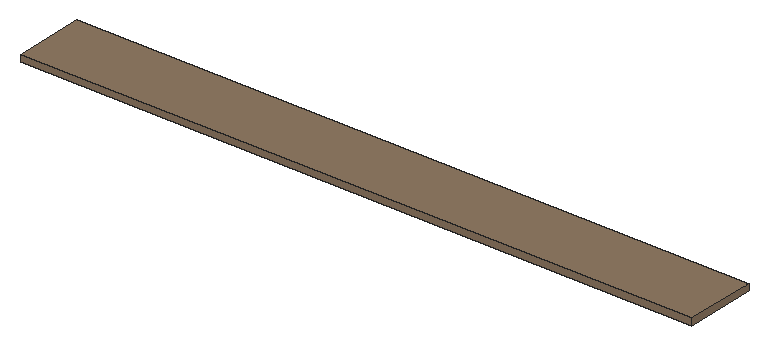
Revit family "Accessories-Teknion-CEASS_Wall_Shelving_Unit_Shelf-R2022", category Furniture, Revit 2023
Family settings
  OmniClass Number = 23.40.20.00
  OmniClass Title = General Furniture and Specialties
  Work Plane-Based = No
  Enable Cutting in Views = No
  Always vertical = Yes
  Cut with Voids When Loaded = No
  Render Appearance Source = Family Geometry
  Shared = Yes
  Room Calculation Point = No
Parameters (values of type "Wall Shelving Unit – Shelf,Standard")
  Width [instance] = 102.000"
  Warranty = "http://www.teknion.com/ca/papers/legal-canada"
  Unit Weight URL = "http://www.teknion.com/ca/tools/assets#&asset=bee6a381-b954-425e-8283-5a2de3a804f2,f828d448-4b62-4231-9e5f-9a8991c0ed77"
  URL = "www.teknion.com"
  To render please download texture images found here [instance] = "https://assets.teknion.com/web/5e81352c1dfdb467/revit-material-swatches/"
  Sustainability Data = "https://www.teknion.com/ca/tools/assets#&topic=216f99a5-57a0-44fc-b10a-9dee9b29ae4c&asset=444deb64-fe58-4b68-981e-f75e97781df7,b4ff2d81-9f2e-437d-9659-7cffb09c31cf"
  Shelf Finish [instance] = Veneer - Teknion - VA - Flintwood - Sycamore
  Series = "Expansion Casework+"  # constant formula
  Product Page URL = "https://www.teknion.com/ca/products/product-details?productLineId=30ca1270-8e7a-673b-a6c8-ff05004460c4"
  Product Line = "Accessories"  # constant formula
  Product Documentation Link = "https://www.teknion.com/pricing/expansion-casework/pdfs/CEASS_ppg.pdf"
  Part Number = "CEASS"  # constant formula
  Model = "CEASSD_12"
  Manufacturer Phone = "416-661-3370"  # constant formula
  Manufacturer Fax = "416.661.4586"  # constant formula
  Manufacturer Contact Information = "http://www.teknion.com/ca/contactus"
  Manufacturer Address = "1150 Flint Road, Toronto, ON. M3J 2J5. Canada"  # constant formula
  Manufacturer = "Teknion"  # constant formula
  How To Use Teknion Materials User Guide [instance] = "https://assets.teknion.com/m/205dd0a49fa58060/original/How-to-add-a-Material-Library-and-Texture-Images-to-your-Revit-project.pdf"
  For Additional Finishes please visit [instance] = "https://assets.teknion.com/m/44a8009b046e5d47/original/Teknion_Materials_Library.zip"
  Description = "Wall Shelving Unit – Shelf, Standard"
  Default Elevation = 0.000"
  Available Width [instance] = "24\"-105\" increment by 3\""  # constant formula
  Assembly Code = "E2020200"
Reference planes (in)
  plane 1 "Center Front/Back": y = -6
  plane 2: z = 0
  plane 3 "Center Left/Right": x = 22.5
  plane 4 "Left": x = -28.5
  plane 5 "Right": x = 73.5
  plane 6 "Back": y = -0.6252
  plane 7 "Front": y = -11.3748
  plane 8 "Top": z = 55.6252
Forms (in)
  Sweep 1, solid, material "Veneer - Teknion - VA - Flintwood - Sycamore" <- "Shelf Finish"
    path origin (0, -6, 0) x (1, 0, 0) y (0, 0, 1)
      loop
        line (22.5, 55.6252) -> (22.5, 54.6252)
    profile origin (22.5, -6, 55.1252) x (0, -1, 0) y (1, 0, 0)
      loop
        line (-5.3748, -51) -> (5.3748, -51) -> (5.3748, 51) -> (-5.3748, 51) -> (-5.3748, -51)
Lines and regions (in)
  Masking region 1
    outline origin (0, 0, 0) x (1, 0, 0) y (0, 1, 0)
      loop
        line (-28.5, -0.6252) -> (-28.5, -11.3748) -> (73.5, -11.3748) -> (73.5, -0.6252) -> (-28.5, -0.6252)
Dimensions and locks (in)
  "Width": plane 4 "Left" to plane 5 "Right"
  plane 6 "Back" to plane 7 "Front" = 10.74961"
  plane 8 "Top" to level = 55.6252"
  equal spacing: plane 6 "Back", plane 1 "Center Front/Back", plane 7 "Front"
  equal spacing: plane 4 "Left", plane 3 "Center Left/Right", plane 5 "Right"
  locked: Sweep 1 sketch curve to Sweep 1 sketch curve at 1
  locked: plane 4 "Left" to nested 3 at 3
  locked: plane 4 "Left" to nested 4 at 6
  locked: nested 5 to plane 5 "Right" at 3
  locked: nested 6 to plane 5 "Right" at 6
  locked: nested 1 to plane 6 "Back" at 0.625
  locked: nested 3 to plane 6 "Back" at 0.625
  locked: nested 4 to plane 6 "Back" at 0.625
  locked: plane 6 "Back" to nested 2 at 0.625
  locked: nested 5 to plane 6 "Back" at 0.625
  locked: nested 6 to plane 6 "Back" at 0.625
  aligned and locked: level to plane 2
  aligned and locked: Sweep 1 sketch curve to plane 3 "Center Left/Right"
  aligned and locked: plane 8 "Top" to Sweep 1 sketch curve
  aligned and locked: Sweep 1 sketch curve to plane 6 "Back"
  aligned and locked: Sweep 1 sketch curve to plane 4 "Left"
  aligned and locked: Sweep 1 sketch curve to plane 7 "Front"
  aligned and locked: Sweep 1 sketch curve to plane 5 "Right"
  aligned and locked: Masking region 1 sketch curve to plane 6 "Back"
  aligned and locked: Masking region 1 sketch curve to plane 4 "Left"
  aligned and locked: Masking region 1 sketch curve to plane 7 "Front"
  aligned and locked: Masking region 1 sketch curve to plane 5 "Right"
  aligned and locked: plane 4 "Left" to nested 1
  aligned and locked: nested 2 to plane 5 "Right"
Nested families (in)
  nested 1: "Teknion_2D_Node_Family-R2016" at (-28.5, -0.0002, 0), type "Teknion_2D_Node_Family-R2016"
  nested 2: "Teknion_2D_Node_Family-R2016" at (73.5, -0.0002, 0), type "Teknion_2D_Node_Family-R2016"
  nested 3: "Teknion_2D_Node_Family-R2016" at (-25.5, -0.0002, 0), type "Teknion_2D_Node_Family-R2016"
  nested 4: "Teknion_2D_Node_Family-R2016" at (-22.5, -0.0002, 0), type "Teknion_2D_Node_Family-R2016"
  nested 5: "Teknion_2D_Node_Family-R2016" at (70.5, -0.0002, 0), type "Teknion_2D_Node_Family-R2016"
  nested 6: "Teknion_2D_Node_Family-R2016" at (67.5, -0.0002, 0), type "Teknion_2D_Node_Family-R2016"
Definition of nested family "Teknion_2D_Node_Family-R2016"
  Reference planes (in)
    plane 1 "Center (Front/Back)": y = 0
    plane 2: z = 0
    plane 3 "Center (Left/Right)": x = 0
  Lines and regions (in)
    detail lines, in view "Ref. Level"
      curve 1: circle (0, 0, 0) r 1.25 normal (0, 0, 1)
      curve 2: line (1.91508, -1.91508, 0) -> (-1.91508, 1.91508, 0)
      curve 3: line (-1.91508, -1.91508, 0) -> (1.91508, 1.91508, 0)
